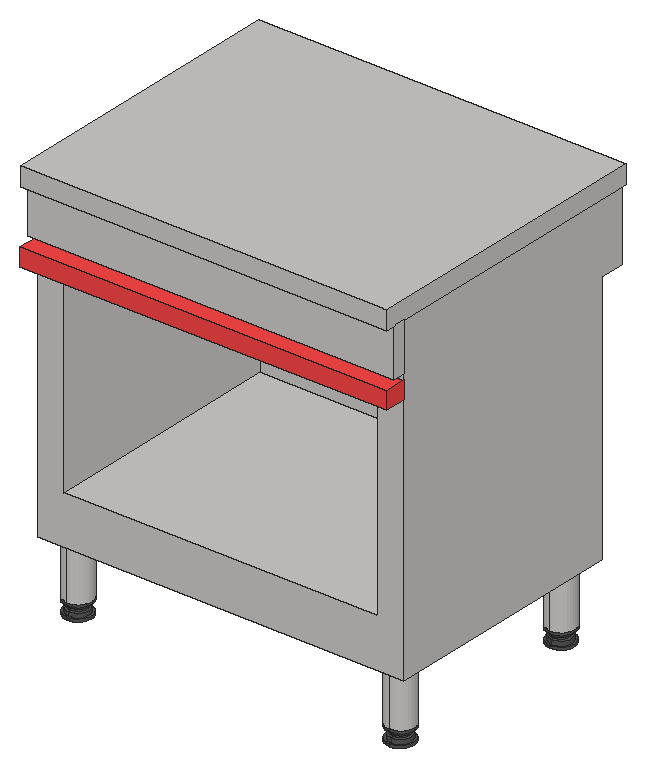
Revit family "ADB Armoire de rangement CMA 800 P", category Equipement spécialisé, Revit 2022
Family settings
  Cote de connecteur circulaire = Utiliser le diamètre
  Type d'élément = Normal
  Numéro OmniClass = 23.40.40.14.17.11
  Titre OmniClass = Cookers, Ovens, Stoves
  Basée sur le plan de construction = Non
  Toujours verticalement = Oui
  Couper avec des vides une fois chargée = Non
  Conserver l'orientation des annotations = Non
  Partagée = Non
  Repère de localisation dans la pièce = Non
Parameters (values of type "CMA 800 P")
  URL catalogue = "https://www.ambassade-de-bourgogne.com/fr/produits/armoires/Resources/N27-CMA_800_P.pdf"
  URL = "https://www.ambassade-de-bourgogne.com/fr/produits/armoires/Resources/N27-CMA_800_P.pdf"
  Type article = ""
  Spécification du Fabricant = ""
  Profondeur [instance] = 652 mm + if(Dosseret DSA 800, 50 mm, 0 mm) + if(Porte CPM 800, 53 mm, 0 mm)  # 652 mm
  Porte CPM 800 [instance] = no
  Poids net à vide [instance] = 69.00 kg + if(Dosseret DSA 800, 1.00 kg, 0.00 kg) + if(Porte CPM 800, 10.00 kg, 0.00 kg)  # 69.00 kg
  Modèle = "CMA 800 P"
  Longueur [instance] = 800 mm  # constant formula
  Hauteur [instance] = 900 mm + if(Dosseret DSA 800, 100 mm, 0 mm)  # 900 mm
  Fabricant = "Société Industrielle de Lacanche"  # constant formula
  Elévation par défaut = 0 mm
  Echelles ECH 808 [instance] = no
  Echelles ECH 804 [instance] = no
  Dosseret DSA 800 [instance] = no
  Dosseret [instance] = if(Dosseret DSA 800, 50 mm, 0 mm)  # 0 mm
  Description = "Armoire de rangement"
  Connecteurs [instance] = yes
  Commentaires du type = "Gamme Ambassade - Armoires - Armoire de rangement"
Reference planes
  plane 1 "Centre (avant/arrière)": y = 0
  plane 2: z = 0
  plane 3 "Centre (gauche/droite)": x = 0
  plane 4 "gauche": x = -400
  plane 5 "droite": x = 400
  plane 6 "fond de meuble": y = 325
  plane 7 "avant": y = -325
  plane 8 "arrière": y = 325
  plane 9: z = 900
  plane 10: x = 350
  plane 11: z = 810
  plane 12: y = -327
Forms (mm)
  Extrusion 1, solid, detail levels coarse
    sketch origin (0, 0, 0) x (1, 0, 0) y (0, 1, 0)
      loop
        line (-400, 325.033) -> (-400, -327) -> (400, -327) -> (400, 325.033) -> (-400, 325.033)
    from 0 to 900 <- "Hauteur"
Dimensions and locks
  equal spacing: plane 5 "droite", plane 3 "Centre (gauche/droite)", plane 4 "gauche"
  "Longueur": plane 5 "droite" to plane 4 "gauche"
  plane 6 "fond de meuble" to plane 7 "avant" = 650 mm
  locked: plane 7 "avant" to plane 1 "Centre (avant/arrière)" at 325
  "Dosseret": plane 8 "arrière" to plane 6 "fond de meuble"
  "Hauteur": plane 9 to plane 2
  plane 10 to plane 5 "droite" = 50 mm
  plane 2 to plane 11 = 810 mm
  "Profondeur": plane 8 "arrière" to plane 12
  aligned and locked: level to plane 2
  aligned and locked: plane 3 "Centre (gauche/droite)" to nested 1
  aligned and locked: Extrusion 1 to plane 12
Automatic sketch dimensions
  Extrusion 1 sketch curve to plane 4 "gauche" = 0 mm
  Extrusion 1 sketch curve to plane 5 "droite" = 0 mm
  Extrusion 1 sketch curve to plane 7 "avant" = 2 mm
  plane 8 "arrière" to Extrusion 1 sketch curve = 0.033 mm
Nested families
  nested 1: "Soubassement armoire" at (0, 0, 0), Dosseret <- "Dosseret DSA 800", Porte <- "Porte CPM 800", Ech 808 <- "Echelles ECH 808", Echelle 804 <- "Echelles ECH 804", type "1 armoire", detail levels medium+fine
    with Profondeur 703 mm, Porte inversée no, Porte no, Longueur 800 mm, Hauteur 900 mm, Encombrement Porte standard no, Encombrement Porte inversée no, Echelle côté no, Echelle 804 no, Ech 808 no, Décalage poignée 395.5 mm, Dosseret no
Definition of nested family "Soubassement armoire"
  Parameters (values of type "1 armoire")
    Profondeur produit = 650 mm
    Profondeur baie libre = if(Baie libre, Profondeur produit - 68 mm, 1 mm)  # 582 mm
    Porte inversée [instance] = no
    Longueur poignée = 229 mm  # constant formula
    Encombrement Porte inversée [instance] = and(Porte, Porte inversée)  # no
    Encombrement Porte standard [instance] = and(Porte, not(Porte inversée))  # no
    Porte [instance] = no
    Profondeur [instance] = Profondeur produit + if(Dosseret, 50 mm, 0 mm) + 53 mm  # 703 mm
    Longueur produit = 800 mm
    Longueur [instance] = Longueur produit  # 800 mm
    Hauteur produit = 900 mm
    Hauteur [instance] = Hauteur produit + if(Dosseret, 100 mm, 0 mm)  # 900 mm
    Default Elevation = 0 mm
    Echelle côté [instance] = or(Ech 808, Echelle 804)  # yes
    Echelle 804 [instance] = yes
    Ech 808 [instance] = no
    Décalage poignée [instance] = if(Porte inversée, Longueur, 395.5 mm)  # 395.5 mm
    Dosseret [instance] = no
    Baie libre = yes
  Reference planes
    plane 1 "Centre (avant/arrière)": y = 0
    plane 2: z = 0
    plane 3 "Centre (gauche/droite)": x = 0
    plane 4 "Gauche": x = -400
    plane 5 "Arrière": y = 325
    plane 6 "Droite": x = 400
    plane 7 "Avant": y = -325
    plane 8 "dessous meuble": z = 155
    plane 9 "Dessus de plan": z = 900
    plane 10 "Baguette coloré": z = 696
    plane 11 "dessous plan": z = 860
    plane 12 "Face": y = -280
    plane 13 "commande": z = 755
    plane 14 "dessus dosseret": z = 900
    plane 15: y = -377.967
    plane 16: y = 325.033
    plane 17 "Baguette colorë": y = -780
    plane 18: x = -4.5
    plane 19: x = -343.25
    plane 20: x = 343.25
  Forms (mm)
    Extrusion 1, solid, visible <- "Porte", detail levels medium+fine
      sketch origin (-400, 0, 0) x (0, 1, 0) y (0, 0, 1)
        loop
          line (-325, 155) -> (-280, 155) -> (-280, 696) -> (-325, 696) -> (-325, 155)
      from 0 to 800 <- "Longueur"
    Extrusion 2, solid, detail levels medium+fine
      sketch origin (-400, 0, 0) x (0, 1, 0) y (0, 0, 1)
        loop
          line (-280, 742.5) -> (-327, 742.5) -> (-327, 705) -> (-280, 705) -> (-280, 742.5)
      from 0 to 800 <- "Longueur"
    Extrusion 3, solid, detail levels medium+fine
      sketch origin (-400, 0, 0) x (0, 1, 0) y (0, 0, 1)
        loop
          line (325, 900) -> (-325, 900) -> (-325, 860) -> (325, 860) -> (325, 900)
      from 0 to 800 <- "Longueur"
    Extrusion 4, void
      sketch origin (0, -325, 0) x (-1, 0, 0) y (0, 0, 1)
        loop
          line (343.25, 679) -> (-343.25, 679) -> (-343.25, 261.5) -> (343.25, 261.5) -> (343.25, 679)
      from 0 to 582 <- "Profondeur baie libre"
    Extrusion 5, solid, detail levels medium+fine
      sketch origin (-400, 0, 0) x (0, 1, 0) y (0, 0, 1)
        loop
          line (-280, 860) -> (-306, 860) -> (-306, 755) -> (-280, 755) -> (-280, 860)
      from 0 to 800 <- "Longueur"
    Extrusion 6, solid, detail levels medium+fine
      sketch origin (-400, 0, 0) x (0, 1, 0) y (0, 0, 1)
        loop
          line (315, 860) -> (-280, 860) -> (-280, 155) -> (260, 155) -> (260, 707) -> (315, 707) -> (315, 860)
      from 0 to 800 <- "Longueur"
    Revolve 7, solid, detail levels medium+fine
      sketch origin (351.965, 0, 0) x (0, 1, 0) y (0, 0, -1)
        loop
          line (-258.968, -155) -> (-229, -155) -> (-229, 0) -> (-258.492, 0) -> (-258.492, -5) -> (-253.001, -5) -> (-253.001, -13.586) -> (-248.857, -16.488) -> (-248.857, -22) -> (-252.82, -22) -> (-258.968, -28.148) -> (-258.968, -34) -> (-258.968, -155)
        axis (-229, 0) -> (-229, -155)
      angle from 0 to 360
    Revolve 8, solid, detail levels medium+fine
      sketch origin (-351.965, 0, 0) x (0, 1, 0) y (0, 0, 1)
        loop
          line (-258.968, 155) -> (-258.968, 34) -> (-258.968, 28.148) -> (-252.82, 22) -> (-248.857, 22) -> (-248.857, 16.488) -> (-253.001, 13.586) -> (-253.001, 5) -> (-258.492, 5) -> (-258.492, 0) -> (-229, 0) -> (-229, 155) -> (-258.968, 155)
        axis (-229, 0) -> (-229, 155)
      angle from 0 to 360
    Revolve 9, solid, detail levels medium+fine
      sketch origin (-351.965, -20, 0) x (0, -1, 0) y (0, 0, -1)
        loop
          line (-258.968, -155) -> (-229, -155) -> (-229, 0) -> (-258.492, 0) -> (-258.492, -5) -> (-253.001, -5) -> (-253.001, -13.586) -> (-248.857, -16.488) -> (-248.857, -22) -> (-252.82, -22) -> (-258.968, -28.148) -> (-258.968, -34) -> (-258.968, -155)
        axis (-229, 0) -> (-229, -155)
      angle from 0 to 360
    Extrusion 10, solid, visible <- "Dosseret", detail levels medium+fine
      sketch origin (-400, 0, 0) x (0, 1, 0) y (0, 0, 1)
        loop
          line (375.033, 1000) -> (325, 1000) -> (325, 860) -> (375.033, 860) -> (375.033, 1000)
      from 0 to 800 <- "Longueur"
    Revolve 11, solid, detail levels medium+fine
      sketch origin (351.965, -20, 0) x (0, -1, 0) y (0, 0, 1)
        loop
          line (-258.968, 155) -> (-258.968, 34) -> (-258.968, 28.148) -> (-252.82, 22) -> (-248.857, 22) -> (-248.857, 16.488) -> (-253.001, 13.586) -> (-253.001, 5) -> (-258.492, 5) -> (-258.492, 0) -> (-229, 0) -> (-229, 155) -> (-258.968, 155)
        axis (-229, 0) -> (-229, 155)
      angle from 0 to 360
    Extrusion 12, void
      sketch origin (0, 0, 900) x (0, -1, 0) y (1, 0, 0)
        loop
          line (-307.033, -366.567) -> (-293.033, -366.567) -> (-293.033, 366.464) -> (-307.033, 366.464) -> (-307.033, -366.567)
      from 0 to -0.8
    Extrusion 13, solid, detail levels medium+fine
      sketch origin (-400, 260, 155) x (0, 0, 1) y (1, 0, 0)
        loop
          line (65, 654) -> (65, 146) -> (552, 146) -> (552, 654) -> (65, 654)
      from 0 to 35
    Extrusion 14, solid, visible <- "Echelle côté", detail levels medium+fine
      sketch origin (22.75, 0, 0) x (1, 0, 0) y (0, 0, 1)
        loop
          line (-366, 648.8) -> (-366, 623.8) -> (-356.5, 623.8) -> (-356.5, 625) -> (-364.8, 625) -> (-364.8, 647.6) -> (-348, 647.6) -> (-348, 648.8) -> (-366, 648.8)
        loop
          line (-366, 548.8) -> (-366, 523.8) -> (-356.5, 523.8) -> (-356.5, 525) -> (-364.8, 525) -> (-364.8, 547.6) -> (-348, 547.6) -> (-348, 548.8) -> (-366, 548.8)
        loop
          line (-366, 448.8) -> (-366, 423.8) -> (-356.5, 423.8) -> (-356.5, 425) -> (-364.8, 425) -> (-364.8, 447.6) -> (-348, 447.6) -> (-348, 448.8) -> (-366, 448.8)
        loop
          line (-366, 348.8) -> (-366, 323.8) -> (-356.5, 323.8) -> (-356.5, 325) -> (-364.8, 325) -> (-364.8, 347.6) -> (-348, 347.6) -> (-348, 348.8) -> (-366, 348.8)
      from -113.466 to 206.5
    Extrusion 15, solid, visible <- "Echelle côté", detail levels medium+fine
      sketch origin (-22.75, 0, 0) x (-1, 0, 0) y (0, 0, -1)
        loop
          line (-366, -648.8) -> (-348, -648.8) -> (-348, -647.6) -> (-364.8, -647.6) -> (-364.8, -625) -> (-356.5, -625) -> (-356.5, -623.8) -> (-366, -623.8) -> (-366, -648.8)
        loop
          line (-366, -548.8) -> (-348, -548.8) -> (-348, -547.6) -> (-364.8, -547.6) -> (-364.8, -525) -> (-356.5, -525) -> (-356.5, -523.8) -> (-366, -523.8) -> (-366, -548.8)
        loop
          line (-366, -448.8) -> (-348, -448.8) -> (-348, -447.6) -> (-364.8, -447.6) -> (-364.8, -425) -> (-356.5, -425) -> (-356.5, -423.8) -> (-366, -423.8) -> (-366, -448.8)
        loop
          line (-366, -348.8) -> (-348, -348.8) -> (-348, -347.6) -> (-364.8, -347.6) -> (-364.8, -325) -> (-356.5, -325) -> (-356.5, -323.8) -> (-366, -323.8) -> (-366, -348.8)
      from -113.466 to 206.5
    Extrusion 16, solid, visible <- "Ech 808", detail levels medium+fine
      sketch origin (-400, -327, 742.5) x (0, 0, -1) y (1, 0, 0)
        loop
          line (63.5, 385.5) -> (481, 385.5) -> (481, 414.5) -> (63.5, 414.5) -> (63.5, 385.5)
      from -67 to -47
    Extrusion 17, solid, visible <- "Ech 808", detail levels medium+fine
      sketch origin (-380.9, 0, 0) x (-1, 0, 0) y (0, 0, -1)
        loop
          line (-366, -648.8) -> (-348, -648.8) -> (-348, -647.6) -> (-364.8, -647.6) -> (-364.8, -625) -> (-356.5, -625) -> (-356.5, -623.8) -> (-366, -623.8) -> (-366, -648.8)
        loop
          line (-366, -548.8) -> (-348, -548.8) -> (-348, -547.6) -> (-364.8, -547.6) -> (-364.8, -525) -> (-356.5, -525) -> (-356.5, -523.8) -> (-366, -523.8) -> (-366, -548.8)
        loop
          line (-366, -448.8) -> (-348, -448.8) -> (-348, -447.6) -> (-364.8, -447.6) -> (-364.8, -425) -> (-356.5, -425) -> (-356.5, -423.8) -> (-366, -423.8) -> (-366, -448.8)
        loop
          line (-366, -348.8) -> (-348, -348.8) -> (-348, -347.6) -> (-364.8, -347.6) -> (-364.8, -325) -> (-356.5, -325) -> (-356.5, -323.8) -> (-366, -323.8) -> (-366, -348.8)
      from -237 to 260
    Extrusion 18, solid, visible <- "Ech 808", detail levels medium+fine
      sketch origin (380.9, 0, 0) x (1, 0, 0) y (0, 0, 1)
        loop
          line (-366, 648.8) -> (-366, 623.8) -> (-356.5, 623.8) -> (-356.5, 625) -> (-364.8, 625) -> (-364.8, 647.6) -> (-348, 647.6) -> (-348, 648.8) -> (-366, 648.8)
        loop
          line (-366, 548.8) -> (-366, 523.8) -> (-356.5, 523.8) -> (-356.5, 525) -> (-364.8, 525) -> (-364.8, 547.6) -> (-348, 547.6) -> (-348, 548.8) -> (-366, 548.8)
        loop
          line (-366, 448.8) -> (-366, 423.8) -> (-356.5, 423.8) -> (-356.5, 425) -> (-364.8, 425) -> (-364.8, 447.6) -> (-348, 447.6) -> (-348, 448.8) -> (-366, 448.8)
        loop
          line (-366, 348.8) -> (-366, 323.8) -> (-356.5, 323.8) -> (-356.5, 325) -> (-364.8, 325) -> (-364.8, 347.6) -> (-348, 347.6) -> (-348, 348.8) -> (-366, 348.8)
      from -237 to 260
    Extrusion 19, solid, visible <- "Ech 808", detail levels medium+fine
      sketch origin (-400, 190, 742.5) x (0, 0, -1) y (1, 0, 0)
        loop
          line (63.5, 385.5) -> (481, 385.5) -> (481, 414.5) -> (63.5, 414.5) -> (63.5, 385.5)
      from -67 to -47
  Cuts and joins
    Extrusion 12 cuts Extrusion 10
    Extrusion 4 cuts Extrusion 6
  Lines and regions (mm)
    symbolic lines, visible <- "Porte"
      curve 1: line (400, -280, 155) -> (400, -680, 155)
      curve 2: line (-400, -280, 155) -> (-400, -680, 155)
      curve 3: arc (0, -280, 155) -> (-117.157, -562.843, 155) -> (-400, -680, 155) r 400
      curve 4: arc (0, -280, 155) -> (117.157, -562.843, 155) -> (400, -680, 155) r 400
    model lines, visible <- "Porte"
      curve 5: line (0, -325, 705) -> (0, -325, 155)
  Dimensions and locks
    equal spacing: plane 7 "Avant", plane 1 "Centre (avant/arrière)", plane 5 "Arrière"
    "Profondeur produit": plane 5 "Arrière" to plane 7 "Avant"
    equal spacing: plane 4 "Gauche", plane 3 "Centre (gauche/droite)", plane 6 "Droite"
    "Longueur produit": plane 4 "Gauche" to plane 6 "Droite"
    "Hauteur produit": plane 9 "Dessus de plan" to plane 2
    locked: plane 8 "dessous meuble" to plane 2 at 155
    locked: plane 9 "Dessus de plan" to plane 11 "dessous plan" at 40
    locked: plane 7 "Avant" to plane 12 "Face" at 45
    locked: plane 13 "commande" to plane 10 "Baguette coloré" at 59
    locked: plane 11 "dessous plan" to plane 13 "commande" at 105
    Extrusion 4 sketch curve to plane 8 "dessous meuble" = 106.5 mm
    Extrusion 4 sketch curve to plane 6 "Droite" = 56.75 mm
    Extrusion 4 sketch curve to plane 4 "Gauche" = 56.75 mm
    plane 10 "Baguette coloré" to Extrusion 4 sketch curve = 17 mm
    "Hauteur": plane 14 "dessus dosseret" to plane 2
    locked: plane 7 "Avant" to plane 15 at 52.967
    "Profondeur": plane 15 to plane 16
    equal spacing: Extrusion 13 sketch curve, plane 3 "Centre (gauche/droite)", Extrusion 13 sketch curve
    "Décalage poignée": plane 18 to plane 4 "Gauche"
    locked: plane 4 "Gauche" to Revolve 9 at 18.067
    locked: Revolve 11 to plane 6 "Droite" at 18.067
    locked: Revolve 7 to plane 6 "Droite" at 18.067
    locked: plane 4 "Gauche" to Revolve 8 at 18.067
    locked: Revolve 8 to plane 12 "Face" at 21.032
    locked: Revolve 7 to plane 12 "Face" at 21.032
    locked: plane 5 "Arrière" to Extrusion 10 sketch curve at 50.033
    plane 16 to Extrusion 12 sketch curve to Extrusion 12 sketch curve = 18 mm locked, 14 mm locked
    aligned and locked: level to plane 2
    aligned and locked: plane 18 to nested 1
    aligned and locked: Extrusion 18 sketch curve to Extrusion 18 sketch curve
  Automatic sketch dimensions
    Extrusion 1 sketch curve to plane 7 "Avant" = 0 mm
    Extrusion 1 sketch curve to plane 10 "Baguette coloré" = 0 mm
    Extrusion 1 sketch curve to plane 12 "Face" = 0 mm
    Extrusion 1 sketch curve to plane 8 "dessous meuble" = 0 mm
    Extrusion 2 sketch curve to plane 12 "Face" = 0 mm
    Extrusion 2 sketch curve to plane 7 "Avant" = 2 mm
    plane 10 "Baguette coloré" to Extrusion 2 sketch curve = 9 mm
    Extrusion 2 sketch curve to plane 13 "commande" = 12.5 mm
    Extrusion 3 sketch curve to plane 7 "Avant" = 0 mm
    Extrusion 3 sketch curve to plane 5 "Arrière" = 0 mm
    Extrusion 3 sketch curve to plane 11 "dessous plan" = 0 mm
    Extrusion 3 sketch curve to plane 9 "Dessus de plan" = 0 mm
    Extrusion 5 sketch curve to plane 11 "dessous plan" = 0 mm
    Extrusion 5 sketch curve to plane 13 "commande" = 0 mm
    Extrusion 5 sketch curve to plane 12 "Face" = 0 mm
    plane 7 "Avant" to Extrusion 5 sketch curve = 19 mm
    Extrusion 6 sketch curve to plane 11 "dessous plan" = 0 mm
    Extrusion 6 sketch curve to plane 12 "Face" = 0 mm
    Extrusion 6 sketch curve to plane 8 "dessous meuble" = 0 mm
    Extrusion 6 sketch curve to plane 5 "Arrière" = 65 mm
    Extrusion 6 sketch curve to plane 5 "Arrière" = 10 mm
    plane 10 "Baguette coloré" to Extrusion 6 sketch curve = 11 mm
    Revolve 7 sketch curve to plane 8 "dessous meuble" = 0 mm
    Revolve 7 sketch curve to level = 0 mm
    plane 12 "Face" to Revolve 7 sketch curve = 21.032 mm
    plane 12 "Face" to Revolve 7 sketch curve = 21.508 mm
    Revolve 7 sketch curve to Revolve 7 sketch curve = 5.491 mm
    Revolve 7 sketch curve to Revolve 7 sketch curve = 0.181 mm
    Revolve 7 sketch curve to Revolve 7 sketch curve = 3.964 mm
    Revolve 7 sketch curve to Revolve 7 sketch curve = 24.001 mm
    level to Revolve 7 sketch curve = 34 mm
    Revolve 7 sketch curve to Revolve 7 sketch curve = 5.852 mm
    Revolve 7 sketch curve to Revolve 7 sketch curve = 6.148 mm
    Revolve 7 sketch curve to Revolve 7 sketch curve = 5.512 mm
    Revolve 7 sketch curve to Revolve 7 sketch curve = 2.902 mm
    level to Revolve 7 sketch curve = 5 mm
    Revolve 7 sketch curve to Revolve 7 sketch curve = 0 mm
    plane 8 "dessous meuble" to Revolve 7 sketch curve = 19 mm
    Revolve 7 sketch curve to Revolve 7 sketch curve = 12 mm
    Revolve 8 sketch curve to plane 8 "dessous meuble" = 0 mm
    Revolve 8 sketch curve to level = 0 mm
    plane 12 "Face" to Revolve 8 sketch curve = 21.032 mm
    plane 12 "Face" to Revolve 8 sketch curve = 21.508 mm
    Revolve 8 sketch curve to Revolve 8 sketch curve = 5.491 mm
    Revolve 8 sketch curve to Revolve 8 sketch curve = 0.181 mm
    Revolve 8 sketch curve to Revolve 8 sketch curve = 3.964 mm
    Revolve 8 sketch curve to Revolve 8 sketch curve = 24.001 mm
    level to Revolve 8 sketch curve = 5 mm
    Revolve 8 sketch curve to Revolve 8 sketch curve = 8.586 mm
    Revolve 8 sketch curve to Revolve 8 sketch curve = 2.902 mm
    Revolve 8 sketch curve to Revolve 8 sketch curve = 5.512 mm
    Revolve 8 sketch curve to Revolve 8 sketch curve = 6.148 mm
    Revolve 8 sketch curve to Revolve 8 sketch curve = 5.852 mm
    Revolve 8 sketch curve to Revolve 8 sketch curve = 0 mm
    Revolve 8 sketch curve to Revolve 8 sketch curve = 12 mm
    plane 8 "dessous meuble" to Revolve 8 sketch curve = 19 mm
    Revolve 9 sketch curve to plane 8 "dessous meuble" = 0 mm
    Revolve 9 sketch curve to level = 0 mm
    level to Revolve 9 sketch curve = 28.148 mm
    Revolve 9 sketch curve to plane 5 "Arrière" = 86.032 mm
    Revolve 9 sketch curve to Revolve 9 sketch curve = 0.477 mm
    level to Revolve 9 sketch curve = 13.586 mm
    Revolve 9 sketch curve to Revolve 9 sketch curve = 5.491 mm
    Revolve 9 sketch curve to Revolve 9 sketch curve = 0.181 mm
    Revolve 9 sketch curve to Revolve 9 sketch curve = 3.964 mm
    Revolve 9 sketch curve to Revolve 9 sketch curve = 24.001 mm
    Revolve 9 sketch curve to Revolve 9 sketch curve = 5.852 mm
    Revolve 9 sketch curve to Revolve 9 sketch curve = 8.414 mm
    Revolve 9 sketch curve to Revolve 9 sketch curve = 2.902 mm
    level to Revolve 9 sketch curve = 5 mm
    Revolve 9 sketch curve to Revolve 9 sketch curve = 0 mm
    plane 8 "dessous meuble" to Revolve 9 sketch curve = 19 mm
    Revolve 9 sketch curve to Revolve 9 sketch curve = 12 mm
    Extrusion 10 sketch curve to plane 5 "Arrière" = 0 mm
    Extrusion 10 sketch curve to plane 11 "dessous plan" = 0 mm
    plane 9 "Dessus de plan" to Extrusion 10 sketch curve = 100 mm
    curve 1 to plane 6 "Droite" = 0 mm
    plane 6 "Droite" to curve 3 = 400 mm
    curve 3 to plane 4 "Gauche" = 0 mm
    plane 4 "Gauche" to curve 4 = 400 mm
    curve 1 to plane 12 "Face" = 0 mm
    curve 4 to plane 12 "Face" = 0 mm
    curve 2 to plane 12 "Face" = 0 mm
    curve 3 to plane 12 "Face" = 0 mm
    Revolve 11 sketch curve to plane 8 "dessous meuble" = 0 mm
    Revolve 11 sketch curve to level = 0 mm
    level to Revolve 11 sketch curve = 28.148 mm
    Revolve 11 sketch curve to plane 5 "Arrière" = 86.032 mm
    Revolve 11 sketch curve to Revolve 11 sketch curve = 0.477 mm
    level to Revolve 11 sketch curve = 13.586 mm
    Revolve 11 sketch curve to Revolve 11 sketch curve = 5.491 mm
    Revolve 11 sketch curve to Revolve 11 sketch curve = 0.181 mm
    Revolve 11 sketch curve to Revolve 11 sketch curve = 3.964 mm
    Revolve 11 sketch curve to Revolve 11 sketch curve = 24.001 mm
    level to Revolve 11 sketch curve = 5 mm
    Revolve 11 sketch curve to Revolve 11 sketch curve = 2.902 mm
    Revolve 11 sketch curve to Revolve 11 sketch curve = 5.512 mm
    Revolve 11 sketch curve to Revolve 11 sketch curve = 5.852 mm
    Revolve 11 sketch curve to Revolve 11 sketch curve = 0 mm
    Revolve 11 sketch curve to Revolve 11 sketch curve = 12 mm
    plane 8 "dessous meuble" to Revolve 11 sketch curve = 19 mm
    Extrusion 13 sketch curve to Extrusion 6 = 0 mm
    Extrusion 6 to Extrusion 13 sketch curve = 65 mm
    Extrusion 6 to Extrusion 13 sketch curve = 146 mm
    Extrusion 14 sketch curve to Extrusion 14 sketch curve = 8.3 mm  (x4)
    Extrusion 14 sketch curve to Extrusion 14 sketch curve = 16.8 mm  (x4)
    plane 8 "dessous meuble" to Extrusion 14 sketch curve = 168.8 mm
    Extrusion 14 sketch curve to Extrusion 14 sketch curve = 1.2 mm  (x12)
    Extrusion 14 sketch curve to Extrusion 14 sketch curve = 22.6 mm  (x4)
    Extrusion 14 sketch curve to Extrusion 14 sketch curve = 75 mm  (x2)
    Extrusion 14 sketch curve to plane 10 "Baguette coloré" = 72.2 mm
    Extrusion 15 sketch curve to Extrusion 15 sketch curve = 8.3 mm  (x4)
    Extrusion 15 sketch curve to Extrusion 15 sketch curve = 16.8 mm  (x4)
    Extrusion 15 sketch curve to plane 10 "Baguette coloré" = 47.2 mm
    Extrusion 15 sketch curve to Extrusion 15 sketch curve = 1.2 mm  (x12)
    Extrusion 15 sketch curve to Extrusion 15 sketch curve = 22.6 mm  (x4)
    Extrusion 15 sketch curve to Extrusion 15 sketch curve = 75 mm  (x3)
    curve 5 to plane 3 "Centre (gauche/droite)" = 0 mm
    curve 5 to plane 8 "dessous meuble" = 0 mm
    plane 10 "Baguette coloré" to curve 5 = 9 mm
    Extrusion 2 to Extrusion 16 sketch curve = 26 mm
    Extrusion 17 sketch curve to plane 3 "Centre (gauche/droite)" = 14.9 mm  (x4)
    Extrusion 17 sketch curve to plane 3 "Centre (gauche/droite)" = 16.1 mm  (x4)
    Extrusion 17 sketch curve to plane 18 = 19.9 mm  (x4)
    Extrusion 17 sketch curve to plane 18 = 28.4 mm  (x4)
    Extrusion 17 sketch curve to plane 10 "Baguette coloré" = 47.2 mm
    Extrusion 17 sketch curve to Extrusion 17 sketch curve = 1.2 mm  (x8)
    Extrusion 17 sketch curve to Extrusion 17 sketch curve = 22.6 mm  (x4)
    Extrusion 17 sketch curve to Extrusion 17 sketch curve = 75 mm  (x3)
    plane 3 "Centre (gauche/droite)" to Extrusion 18 sketch curve = 14.9 mm  (x4)
    plane 3 "Centre (gauche/droite)" to Extrusion 18 sketch curve = 16.1 mm  (x4)
    Extrusion 18 sketch curve to Extrusion 18 sketch curve = 8.3 mm  (x4)
    Extrusion 18 sketch curve to Extrusion 18 sketch curve = 16.8 mm  (x3)
    plane 8 "dessous meuble" to Extrusion 18 sketch curve = 168.8 mm
    Extrusion 18 sketch curve to Extrusion 18 sketch curve = 1.2 mm  (x8)
    Extrusion 18 sketch curve to Extrusion 18 sketch curve = 22.6 mm  (x4)
    Extrusion 18 sketch curve to Extrusion 18 sketch curve = 75 mm  (x2)
    Extrusion 18 sketch curve to plane 10 "Baguette coloré" = 72.2 mm
    Extrusion 16 sketch curve to Extrusion 16 sketch curve = 417.5 mm
    Extrusion 16 sketch curve to Extrusion 16 sketch curve = 29 mm
    Extrusion 19 sketch curve to plane 10 "Baguette coloré" = 17 mm
    plane 8 "dessous meuble" to Extrusion 19 sketch curve = 106.5 mm
    plane 4 "Gauche" to Extrusion 12 sketch curve = 33.433 mm
    plane 4 "Gauche" to Extrusion 14 sketch curve = 56.75 mm  (x4)
    plane 6 "Droite" to Extrusion 12 sketch curve = 33.536 mm
    plane 6 "Droite" to Extrusion 15 sketch curve = 56.75 mm  (x4)
    Extrusion 2 to Extrusion 16 sketch curve = 385.5 mm
    Extrusion 19 sketch curve to plane 18 = 10 mm
    plane 3 "Centre (gauche/droite)" to Extrusion 19 sketch curve = 14.5 mm
  Nested families
    nested 1: "Poignée" at (-119, -325, 681.933) x (1, 0, 0) z (0, -1, 0), visible <- "Porte", Longueur <- "Longueur poignée", type "Poignée", detail levels fine
      with Longueur 229 mm
    nested 2: "Poignée" at (119, -325, 681.933) x (-1, 0, 0) z (0, -1, 0), visible <- "Porte", Longueur <- "Longueur poignée", type "Poignée", detail levels fine
      with Longueur 229 mm
  Definition of nested family "Poignée"
    Parameters (values of type "Poignée")
      Longueur [instance] = 800 mm
      Default Elevation = 1219.2 mm
    Reference planes
      plane 1 "Centre (avant/arrière)": y = 0
      plane 2: z = 0
      plane 3 "Centre (gauche/droite)": x = 0
      plane 4: x = -400
      plane 5: x = 400
      plane 6: x = -395
      plane 7: x = 395
    Forms (mm)
      Extrusion 1, solid
        sketch origin (0, 0, 0) x (1, 0, 0) y (0, 1, 0)
          loop
            line (-1219.2, 1219.2) -> (-1219.2, -1219.2) -> (1219.2, -1219.2) -> (1219.2, 1219.2) -> (-1219.2, 1219.2)
        from 0 to -304.8
      Extrusion 2, solid
        sketch origin (0, 0, 0) x (0, 1, 0) y (0, 0, 1)
          loop
            circle (0, 38.995) r 13.972
        from -395 to 395
      Extrusion 3, solid
        sketch origin (0, 0, 0) x (1, 0, 0) y (0, 1, 0)
          loop
            circle (-363.542, 0) r 8.5
          loop
            circle (363.453, 0) r 8.5
        from 0 to 37.089
    Cuts and joins
      joined: Extrusion 2, Extrusion 3
    Dimensions and locks
      equal spacing: plane 4, plane 3 "Centre (gauche/droite)", plane 5
      "Longueur": plane 4 to plane 5
      locked: plane 4 to plane 6 at 5
      locked: plane 7 to plane 5 at 5
      locked: plane 6 to Extrusion 3 sketch curve at 31.458
      locked: Extrusion 3 sketch curve to plane 7 at 31.547
      aligned and locked: plane 2 to Extrusion 1
      aligned and locked: level to Extrusion 1
      aligned and locked: plane 6 to Extrusion 2
      aligned and locked: Extrusion 2 to plane 7
      aligned and locked: plane 1 "Centre (avant/arrière)" to Extrusion 3 sketch curve
    Automatic sketch dimensions
      Extrusion 1 sketch curve to Extrusion 1 sketch curve = 2438.4 mm  (x2)
      Extrusion 2 sketch curve to plane 1 "Centre (avant/arrière)" = 0 mm
      level to Extrusion 2 sketch curve = 38.995 mm
      plane 1 "Centre (avant/arrière)" to Extrusion 3 sketch curve = 0 mm
      radius of Extrusion 2 sketch curve = 13.972 mm
      radius of Extrusion 3 sketch curve = 8.5 mm  (x2)
